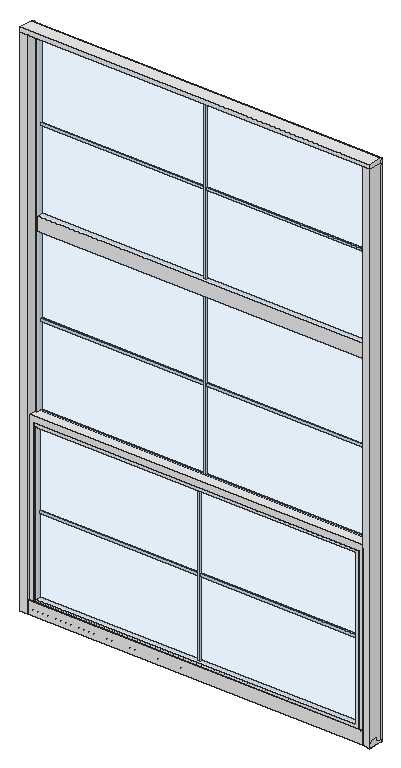
Revit family "Window_Curtain_Wall-Single_Hung-Traco-TR_9103-Heavy_Commercial", category Windows, Revit 2015 (continued)
Definition of nested family "Screen-Exterior-Traco-Half"
  Dimensions and locks (in)
    aligned and locked: Extrusion 2 sketch curve to plane 8 "Right"
    aligned and locked: Extrusion 2 sketch curve to plane 10 "Left Inset"
    aligned and locked: Extrusion 2 sketch curve to plane 7 "Left"
    aligned and locked: Extrusion 2 sketch curve to plane 13 "Front Inset"
    aligned and locked: Extrusion 2 sketch curve to plane 5 "Front"
    aligned and locked: plane 12 "Top" to Extrusion 2
    aligned and locked: Extrusion 2 to plane 4 "Bottom"
    aligned and locked: curve 1 to Extrusion 2
    aligned and locked: curve 2 to Extrusion 2
    aligned and locked: curve 4 to Extrusion 2
    aligned and locked: Masking region 1 sketch curve to plane 8 "Right"
    aligned and locked: Masking region 3 sketch curve to plane 6 "Back"
    aligned and locked: Masking region 3 sketch curve to plane 5 "Front"
    aligned and locked: Masking region 3 sketch curve to plane 12 "Top"
    aligned and locked: Masking region 3 to plane 4 "Bottom"
    aligned and locked: plane 11 "Right Inset" to curve 8
    aligned and locked: plane 10 "Left Inset" to curve 7
    aligned and locked: plane 7 "Left" to curve 7
    aligned and locked: plane 10 "Left Inset" to curve 5
    aligned and locked: plane 11 "Right Inset" to curve 6
    aligned and locked: plane 5 "Front" to curve 8
    aligned and locked: plane 13 "Front Inset" to curve 8
    aligned and locked: plane 9 "Back Inset" to curve 6
    aligned and locked: plane 9 "Back Inset" to curve 5
    aligned and locked: plane 8 "Right" to curve 3
    aligned and locked: Extrusion 3 sketch curve to plane 9 "Back Inset"
    aligned and locked: Extrusion 3 sketch curve to plane 10 "Left Inset"
    aligned and locked: Extrusion 3 sketch curve to plane 13 "Front Inset"
    aligned and locked: Extrusion 3 sketch curve to plane 11 "Right Inset"
    aligned and locked: Extrusion 3 to plane 14 "Screen Bottom"
    aligned and locked: plane 12 "Top" to Extrusion 3
    aligned and locked: Masking region 1 sketch curve to plane 10 "Left Inset"
    aligned and locked: Masking region 1 sketch curve to plane 11 "Right Inset"
    aligned and locked: plane 11 "Right Inset" to curve 9
    aligned and locked: plane 14 "Screen Bottom" to curve 9
    aligned and locked: Masking region 3 sketch curve to plane 13 "Front Inset"
    aligned and locked: Masking region 3 sketch curve to plane 9 "Back Inset"
    aligned and locked: plane 13 "Front Inset" to curve 10
    aligned and locked: plane 9 "Back Inset" to curve 10
    aligned and locked: plane 14 "Screen Bottom" to curve 10
    aligned and locked: plane 6 "Back" to curve 6
    aligned and locked: plane 1 "Center (Front/Back)" to curve 12
    aligned and locked: plane 11 "Right Inset" to curve 12
    aligned and locked: plane 9 "Back Inset" to curve 11
    aligned and locked: plane 3 "Center (Left/Right)" to curve 11
    aligned and locked: plane 13 "Front Inset" to curve 12
    aligned and locked: plane 3 "Center (Left/Right)" to curve 12
    aligned and locked: plane 13 "Front Inset" to curve 13
    aligned and locked: plane 10 "Left Inset" to curve 11
    aligned and locked: plane 1 "Center (Front/Back)" to curve 11
    aligned and locked: plane 10 "Left Inset" to curve 14
    aligned and locked: plane 14 "Screen Bottom" to curve 14
    aligned and locked: plane 4 "Bottom" to curve 14
    aligned and locked: plane 14 "Screen Bottom" to curve 16
    aligned and locked: plane 4 "Bottom" to curve 16
    aligned and locked: curve 16 to plane 13 "Front Inset"
  Automatic sketch dimensions
    Extrusion 1 sketch curve to Extrusion 1 sketch curve = 8' - 0"  (x2)
    curve 15 to plane 4 "Bottom" = 0' - 0"
    Masking region 1 sketch curve to plane 4 "Bottom" = 0' - 0"
    Masking region 1 sketch curve to plane 12 "Top" = 0' - 0"
    Masking region 3 sketch curve to plane 4 "Bottom" = 0' - 0"  (x2)
    Masking region 3 sketch curve to plane 12 "Top" = 0' - 0"
    curve 17 to plane 4 "Bottom" = 0' - 0"
Definition of nested family "Muntin-Trapezoid-Traco-Single"
  Parameters
    Width Top = 0' - 0 7/16"
    Width Base = 0' - 1"
    URL = "http://www.alcoa.com/traco/en/home.asp"
    Product Page URL = "http://www.alcoa.com/traco/en/product.asp?prod_id=4228"
    Product Documentation Link = "http://www.alcoa.com/traco/en/cad_spec.asp?prod_id=4228&area=prod"
    Material [instance] = none
    Manufacturer = "Traco"  # constant formula
    Length [instance] = 1' - 0"
    Height = 0' - 0 5/8"
    Description = "Trapezoidal Profile"
    Copyright © = "2011 Traco"  # constant formula
  Reference planes (in)
    plane 1 "Center (Front/Back)": y = 0
    plane 2 "Original Bottom": z = 0
    plane 3 "Center (Left/Right)": x = 0
    plane 4 "Left": x = -6
    plane 5 "Right": x = 6
    plane 6 "Back": y = 0.5
    plane 7 "Front": y = -0.5
    plane 8 "Back Inset": y = 0.21875
    plane 9 "Front Inset": y = -0.21875
    plane 10 "Top": z = 0.625
    plane 11 "Bottom": z = 0
  Forms (in)
    Sweep 1, solid, material <- "Material", detail levels medium+fine
      path origin (0, 0, 0) x (0, -1, 0) y (1, 0, 0)
        loop
          line (0, 6) -> (0, -6)
      profile origin (0, 0, 0) x (0, -1, 0) y (0, 0, 1)
        loop
          line (0.5, 0) -> (0.21875, 0.625) -> (-0.21875, 0.625) -> (-0.5, 0) -> (0.5, 0)
  Lines and regions (in)
    Masking region 1, detail levels medium+fine
      outline origin (0, 0, 0) x (0, 1, 0) y (0, 0, 1)
        loop
          line (0.5, 0) -> (0.21875, 0.625) -> (-0.21875, 0.625) -> (-0.5, 0) -> (0.5, 0)
    Masking region 2, detail levels medium+fine
      outline origin (0, 0, 0) x (1, 0, 0) y (0, 1, 0)
        loop
          line (6, -0.5) -> (6, 0.5) -> (-6, 0.5) -> (-6, -0.5) -> (6, -0.5)
    Masking region 3, detail levels medium+fine
      outline origin (0, 0, 0) x (1, 0, 0) y (0, 0, 1)
        loop
          line (6, 0) -> (6, 0.625) -> (-6, 0.625) -> (-6, 0) -> (6, 0)
    symbolic lines, detail levels coarse
      curve 1: line (0, 0, 0) -> (0, 0, 0.625)
      curve 2: line (-6, 0, 0) -> (6, 0, 0)
      curve 3: line (-6, 0, 0) -> (-6, 0, 0.625)
      curve 4: line (-6, 0, 0.625) -> (6, 0, 0.625)
      curve 5: line (6, 0, 0.625) -> (6, 0, 0)
    model lines, detail levels coarse
      curve 6: line (-6, 0, 0) -> (6, 0, 0)
  Dimensions and locks (in)
    equal spacing: plane 4 "Left", plane 3 "Center (Left/Right)", plane 5 "Right"
    "Length": plane 4 "Left" to plane 5 "Right"
    equal spacing: plane 6 "Back", plane 1 "Center (Front/Back)", plane 7 "Front"
    "Width Base": plane 7 "Front" to plane 6 "Back"
    equal spacing: plane 8 "Back Inset", plane 1 "Center (Front/Back)", plane 9 "Front Inset"
    "Width Top": plane 9 "Front Inset" to plane 8 "Back Inset"
    locked: plane 11 "Bottom" to plane 2 "Original Bottom" at 0
    "Height": plane 10 "Top" to plane 11 "Bottom"
    aligned and locked: plane 2 "Original Bottom" to level
    aligned and locked: plane 4 "Left" to Sweep 1 sketch curve
    aligned and locked: Sweep 1 sketch curve to plane 1 "Center (Front/Back)"
    aligned and locked: plane 5 "Right" to Sweep 1 sketch curve
    aligned and locked: plane 7 "Front" to Sweep 1 sketch curve
    aligned and locked: plane 11 "Bottom" to Sweep 1 sketch curve  (x2)
    aligned and locked: plane 6 "Back" to Sweep 1 sketch curve
    aligned and locked: plane 10 "Top" to Sweep 1 sketch curve
    aligned and locked: plane 8 "Back Inset" to Sweep 1 sketch curve
    aligned and locked: plane 9 "Front Inset" to Sweep 1 sketch curve
    aligned and locked: Sweep 1 sketch curve to plane 10 "Top"
    aligned and locked: Masking region 1 sketch curve to plane 11 "Bottom"
    aligned and locked: plane 10 "Top" to Masking region 1 sketch curve
    aligned and locked: plane 8 "Back Inset" to Masking region 1 sketch curve
    aligned and locked: plane 9 "Front Inset" to Masking region 1 sketch curve
    aligned and locked: plane 7 "Front" to Masking region 1 sketch curve
    aligned and locked: plane 6 "Back" to Masking region 1 sketch curve
    aligned and locked: curve 1 to plane 1 "Center (Front/Back)"
    aligned and locked: plane 11 "Bottom" to curve 1
    aligned and locked: plane 10 "Top" to curve 1
    aligned and locked: plane 4 "Left" to curve 2
    aligned and locked: plane 5 "Right" to curve 2
    aligned and locked: plane 1 "Center (Front/Back)" to curve 2
    aligned and locked: Masking region 2 sketch curve to plane 4 "Left"
    aligned and locked: Masking region 2 sketch curve to plane 5 "Right"
    aligned and locked: Masking region 2 sketch curve to plane 6 "Back"
    aligned and locked: Masking region 2 sketch curve to plane 7 "Front"
    aligned and locked: Masking region 3 sketch curve to plane 4 "Left"
    aligned and locked: Masking region 3 sketch curve to plane 5 "Right"
    aligned and locked: plane 11 "Bottom" to Masking region 3 sketch curve
    aligned and locked: Masking region 3 sketch curve to plane 10 "Top"
    aligned and locked: plane 11 "Bottom" to curve 3
    aligned and locked: plane 11 "Bottom" to curve 5
    aligned and locked: curve 5 to plane 5 "Right"
    aligned and locked: curve 3 to plane 4 "Left"
    aligned and locked: curve 4 to plane 10 "Top"
    aligned and locked: plane 5 "Right" to curve 6
    aligned and locked: plane 4 "Left" to curve 6
    aligned and locked: plane 1 "Center (Front/Back)" to curve 6
Definition of nested family "Muntin-Grid-Traco-Lites"
  Parameters
    URL = "http://www.alcoa.com/traco/en/home.asp"
    Sash Height [instance] = 4' - 0"
    Muntin Vertical Count = if((Lite Vertical Count - 1) < 2, 2, (Lite Vertical Count - 1))  # 2
    Muntin Type = Muntin-Trapezoid-Traco-Single : H-081
    Muntin Horizontal Count = if((Lite Horizontal Count - 1) < 2, 2, (Lite Horizontal Count - 1))  # 2
    Material [instance] = none
    Manufacturer = "Traco"  # constant formula
    Lite Vertical Count = 3
    Lite Horizontal Count = 3
    Length [instance] = 4' - 0"
    Has True Muntins = no
    Has Interior Muntins = no
    Has Exterior Muntins = yes
    Glazing Thickness [instance] = 0' - 0 7/8"
    Default Elevation = 4' - 0"
    Copyright © = "2011 Traco"  # constant formula
    CTRL Muntin Vertical Distance [instance] = Sash Height / (Lite Vertical Count)  # 1' - 4"
    CTRL Muntin Horizontal Distance [instance] = Length / (Lite Horizontal Count)  # 1' - 4"
    CTRL Face Offset [instance] = if(Has Interior Muntins, 0' 0 1/4", if(Has Exterior Muntins, Glazing Thickness, Glazing Thickness / 2))  # 0' - 0 7/8"
    CTRL Bar Vertical Visibility [instance] = Lite Vertical Count = 2  # no
    CTRL Bar Horizontal Visibility [instance] = Lite Horizontal Count = 2  # no
    CTRL Array Vertical Visibility [instance] = Lite Vertical Count > 2  # yes
    CTRL Array Horizontal Visibility [instance] = Lite Horizontal Count > 2  # yes
    Assembly Code = "B2020110"
  Reference planes (in)
    plane 1 "Center (Front/Back)": y = 0
    plane 2 "Original  Bottom": z = 0
    plane 3 "Center (Left/Right)": x = 0
    plane 4 "Left": x = -24
    plane 5 "Right": x = 24
    plane 6 "Bottom": z = 0.4375
    plane 7 "Glass Top": z = 0.4375
    plane 8 "Glass Bottom": z = -0.4375
    plane 9 "Back": y = 24
    plane 10 "Front": y = -24
    plane 11 "Bar 1 Vertical": y = -8
    plane 12 "Bar Last Vertical": y = 8
    plane 13 "Bar Last Horizontal": x = 8
    plane 14 "Bar 1 Horizontal": x = -8
  Forms (in)
    Extrusion 1, solid
      sketch origin (0, 0, 0) x (1, 0, 0) y (0, 1, 0)
        loop
          line (-48, 48) -> (-48, -48) -> (48, -48) -> (48, 48) -> (-48, 48)
      from 0 to -12
  Dimensions and locks (in)
    equal spacing: plane 4 "Left", plane 3 "Center (Left/Right)", plane 5 "Right"
    "Length": plane 4 "Left" to plane 5 "Right"
    "Glazing Thickness": plane 7 "Glass Top" to plane 8 "Glass Bottom"
    equal spacing: plane 9 "Back", plane 1 "Center (Front/Back)", plane 10 "Front"
    "Sash Height": plane 10 "Front" to plane 9 "Back"
    "CTRL Muntin Vertical Distance": plane 10 "Front" to plane 11 "Bar 1 Vertical"
    "CTRL Muntin Vertical Distance": plane 12 "Bar Last Vertical" to plane 9 "Back"
    "CTRL Muntin Horizontal Distance": plane 4 "Left" to plane 14 "Bar 1 Horizontal"
    "CTRL Muntin Horizontal Distance": plane 13 "Bar Last Horizontal" to plane 5 "Right"
    equal spacing: plane 7 "Glass Top", plane 2 "Original  Bottom", plane 8 "Glass Bottom"
    group 1 to group 2 = 0' - 0"  (x2)
    group 1 to group 2 = 1' - 4"
    group 3 to group 4 = 1' - 4"
    group 3 to group 4 = 0' - 0"  (x2)
    "CTRL Face Offset": plane 6 "Bottom" to plane 8 "Glass Bottom"
    aligned and locked: plane 2 "Original  Bottom" to Extrusion 1
    aligned and locked: level to Extrusion 1
    aligned and locked: plane 6 "Bottom" to nested 1
    aligned and locked: plane 6 "Bottom" to nested 3
    aligned and locked: plane 6 "Bottom" to nested 2
    aligned and locked: plane 6 "Bottom" to nested 4
    aligned and locked: nested 3 to plane 11 "Bar 1 Vertical"
    aligned and locked: nested 4 to plane 14 "Bar 1 Horizontal"
    aligned and locked: nested 3 to plane 3 "Center (Left/Right)"
    aligned and locked: plane 1 "Center (Front/Back)" to nested 4
    aligned and locked: plane 3 "Center (Left/Right)" to nested 2
    aligned and locked: nested 2 to plane 1 "Center (Front/Back)"
    aligned and locked: plane 1 "Center (Front/Back)" to nested 1
    aligned and locked: plane 3 "Center (Left/Right)" to nested 1
    aligned and locked: nested 5 to plane 3 "Center (Left/Right)"
    aligned and locked: plane 1 "Center (Front/Back)" to nested 6
    aligned and locked: plane 6 "Bottom" to nested 6
    aligned and locked: nested 5 to plane 12 "Bar Last Vertical"
    aligned and locked: nested 6 to plane 13 "Bar Last Horizontal"
    aligned and locked: plane 6 "Bottom" to nested 5
  Automatic sketch dimensions
    Extrusion 1 sketch curve to Extrusion 1 sketch curve = 8' - 0"  (x2)
  Nested families (in)
    nested 1: "Muntin-Trapezoid-Traco-Single" at (0, 0, 0.4375), Length <- "Length", visible <- "CTRL Bar Vertical Visibility", type <- "Muntin Type", Material <- "Material", type "H-081"
      with Material none, Length 4' - 0"
    nested 2: "Muntin-Trapezoid-Traco-Single" at (0, 0, 0.4375) x (0, 1, 0) z (0, 0, 1), Length <- "Sash Height", visible <- "CTRL Bar Horizontal Visibility", type <- "Muntin Type", Material <- "Material", type "H-081"
      with Material none, Length 4' - 0"
    nested 3: "Muntin-Trapezoid-Traco-Single" at (0, -8, 0.4375) x (-1, 0, 0) z (0, 0, 1), Length <- "Length", visible <- "CTRL Array Horizontal Visibility", type <- "Muntin Type", Material <- "Material", type "H-081"
      with Material none, Length 4' - 0"
    nested 4: "Muntin-Trapezoid-Traco-Single" at (-8, 0, 0.4375) x (0, -1, 0) z (0, 0, 1), Length <- "Sash Height", visible <- "CTRL Array Horizontal Visibility", type <- "Muntin Type", Material <- "Material", type "H-081"
      with Material none, Length 4' - 0"
    nested 5: "Muntin-Trapezoid-Traco-Single" at (0, 8, 0.4375) x (-1, 0, 0) z (0, 0, 1), Length <- "Length", visible <- "CTRL Array Horizontal Visibility", type <- "Muntin Type", Material <- "Material", type "H-081"
      with Material none, Length 4' - 0"
    nested 6: "Muntin-Trapezoid-Traco-Single" at (8, 0, 0.4375) x (0, -1, 0) z (0, 0, 1), Length <- "Sash Height", visible <- "CTRL Array Horizontal Visibility", type <- "Muntin Type", Material <- "Material", type "H-081"
      with Material none, Length 4' - 0"
  Definition of nested family "Muntin-Trapezoid-Traco-Single"
    Parameters
      Width Top = 0' - 0 7/16"
      Width Base = 0' - 1"
      URL = "http://www.alcoa.com/traco/en/home.asp"
      Product Page URL = "http://www.alcoa.com/traco/en/product.asp?prod_id=4228"
      Product Documentation Link = "http://www.alcoa.com/traco/en/cad_spec.asp?prod_id=4228&area=prod"
      Material [instance] = none
      Manufacturer = "Traco"  # constant formula
      Length [instance] = 1' - 0"
      Height = 0' - 0 5/8"
      Description = "Trapezoidal Profile"
      Copyright © = "2011 Traco"  # constant formula
    Reference planes (in)
      plane 1 "Center (Front/Back)": y = 0
      plane 2 "Original Bottom": z = 0
      plane 3 "Center (Left/Right)": x = 0
      plane 4 "Left": x = -6
      plane 5 "Right": x = 6
      plane 6 "Back": y = 0.5
      plane 7 "Front": y = -0.5
      plane 8 "Back Inset": y = 0.21875
      plane 9 "Front Inset": y = -0.21875
      plane 10 "Top": z = 0.625
      plane 11 "Bottom": z = 0
    Forms (in)
      Sweep 1, solid, material <- "Material", detail levels medium+fine
        path origin (0, 0, 0) x (0, -1, 0) y (1, 0, 0)
          loop
            line (0, 6) -> (0, -6)
        profile origin (0, 0, 0) x (0, -1, 0) y (0, 0, 1)
          loop
            line (0.5, 0) -> (0.21875, 0.625) -> (-0.21875, 0.625) -> (-0.5, 0) -> (0.5, 0)
    Lines and regions (in)
      Masking region 1, detail levels medium+fine
        outline origin (0, 0, 0) x (0, 1, 0) y (0, 0, 1)
          loop
            line (0.5, 0) -> (0.21875, 0.625) -> (-0.21875, 0.625) -> (-0.5, 0) -> (0.5, 0)
      Masking region 2, detail levels medium+fine
        outline origin (0, 0, 0) x (1, 0, 0) y (0, 1, 0)
          loop
            line (6, -0.5) -> (6, 0.5) -> (-6, 0.5) -> (-6, -0.5) -> (6, -0.5)
      Masking region 3, detail levels medium+fine
        outline origin (0, 0, 0) x (1, 0, 0) y (0, 0, 1)
          loop
            line (6, 0) -> (6, 0.625) -> (-6, 0.625) -> (-6, 0) -> (6, 0)
      symbolic lines, detail levels coarse
        curve 1: line (0, 0, 0) -> (0, 0, 0.625)
        curve 2: line (-6, 0, 0) -> (6, 0, 0)
        curve 3: line (-6, 0, 0) -> (-6, 0, 0.625)
        curve 4: line (-6, 0, 0.625) -> (6, 0, 0.625)
        curve 5: line (6, 0, 0.625) -> (6, 0, 0)
      model lines, detail levels coarse
        curve 6: line (-6, 0, 0) -> (6, 0, 0)
    Dimensions and locks (in)
      equal spacing: plane 4 "Left", plane 3 "Center (Left/Right)", plane 5 "Right"
      "Length": plane 4 "Left" to plane 5 "Right"
      equal spacing: plane 6 "Back", plane 1 "Center (Front/Back)", plane 7 "Front"
      "Width Base": plane 7 "Front" to plane 6 "Back"
      equal spacing: plane 8 "Back Inset", plane 1 "Center (Front/Back)", plane 9 "Front Inset"
      "Width Top": plane 9 "Front Inset" to plane 8 "Back Inset"
      locked: plane 11 "Bottom" to plane 2 "Original Bottom" at 0
      "Height": plane 10 "Top" to plane 11 "Bottom"
      aligned and locked: plane 2 "Original Bottom" to level
      aligned and locked: plane 4 "Left" to Sweep 1 sketch curve
      aligned and locked: Sweep 1 sketch curve to plane 1 "Center (Front/Back)"
      aligned and locked: plane 5 "Right" to Sweep 1 sketch curve
      aligned and locked: plane 7 "Front" to Sweep 1 sketch curve
      aligned and locked: plane 11 "Bottom" to Sweep 1 sketch curve  (x2)
      aligned and locked: plane 6 "Back" to Sweep 1 sketch curve
      aligned and locked: plane 10 "Top" to Sweep 1 sketch curve
      aligned and locked: plane 8 "Back Inset" to Sweep 1 sketch curve
      aligned and locked: plane 9 "Front Inset" to Sweep 1 sketch curve
      aligned and locked: Sweep 1 sketch curve to plane 10 "Top"
      aligned and locked: Masking region 1 sketch curve to plane 11 "Bottom"
      aligned and locked: plane 10 "Top" to Masking region 1 sketch curve
      aligned and locked: plane 8 "Back Inset" to Masking region 1 sketch curve
      aligned and locked: plane 9 "Front Inset" to Masking region 1 sketch curve
      aligned and locked: plane 7 "Front" to Masking region 1 sketch curve
      aligned and locked: plane 6 "Back" to Masking region 1 sketch curve
      aligned and locked: curve 1 to plane 1 "Center (Front/Back)"
      aligned and locked: plane 11 "Bottom" to curve 1
      aligned and locked: plane 10 "Top" to curve 1
      aligned and locked: plane 4 "Left" to curve 2
      aligned and locked: plane 5 "Right" to curve 2
      aligned and locked: plane 1 "Center (Front/Back)" to curve 2
      aligned and locked: Masking region 2 sketch curve to plane 4 "Left"
      aligned and locked: Masking region 2 sketch curve to plane 5 "Right"
      aligned and locked: Masking region 2 sketch curve to plane 6 "Back"
      aligned and locked: Masking region 2 sketch curve to plane 7 "Front"
      aligned and locked: Masking region 3 sketch curve to plane 4 "Left"
      aligned and locked: Masking region 3 sketch curve to plane 5 "Right"
      aligned and locked: plane 11 "Bottom" to Masking region 3 sketch curve
      aligned and locked: Masking region 3 sketch curve to plane 10 "Top"
      aligned and locked: plane 11 "Bottom" to curve 3
      aligned and locked: plane 11 "Bottom" to curve 5
      aligned and locked: curve 5 to plane 5 "Right"
      aligned and locked: curve 3 to plane 4 "Left"
      aligned and locked: curve 4 to plane 10 "Top"
      aligned and locked: plane 5 "Right" to curve 6
      aligned and locked: plane 4 "Left" to curve 6
      aligned and locked: plane 1 "Center (Front/Back)" to curve 6
Types (4): name | Type Comments | Model | Has Flange Frame | Glazing Thickness | CTRL Flange Width
  (no name) | "Single Hung 3-Lite Standard" | "TR-9103" | yes | 0' - 1" | 0' - 2"
  TR-9103 - SH/Fixed Top | "Single Hung 3-Lite Standard" | "TR-9103" | yes | 0' - 1" | 0' - 2"
  TR-9103 - SH/Fixed-Top - w/Class 5 Balances | "Single Hung 3-Lite Class 5 Balances" | "TR-9103U" | no | 0' - 1" | 0' - 0"
  TR-9103 - SH/Fixed-Top - Single Glazed | "Single Hung 3-Lite Single Glazed" | "TR-9103" | no | 0' - 0 1/4" | 0' - 0"
